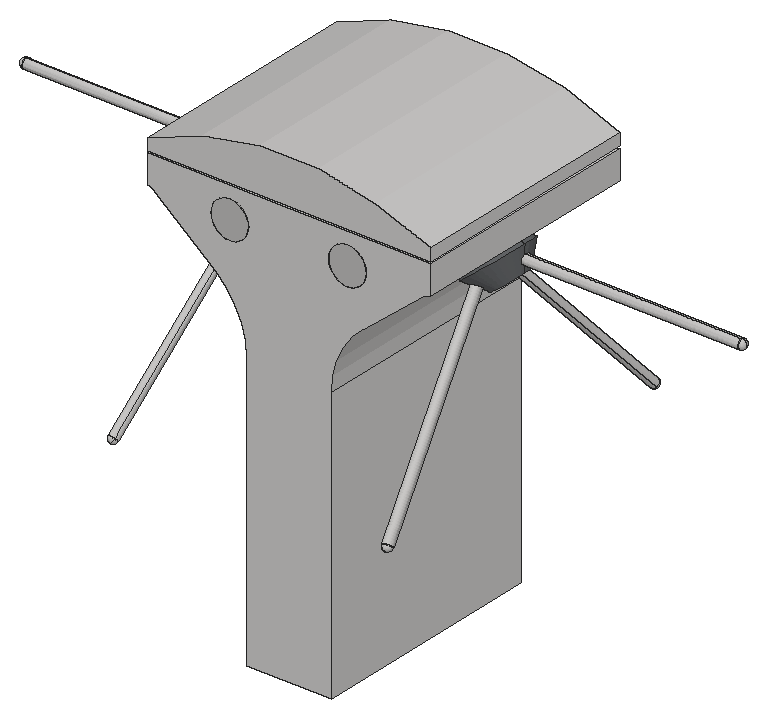
Revit family "CAME_Турникет_Трипод_STILE_600Сдвоенный", category Специальное оборудование, Revit 2019
Family settings
  Размер круглого соединителя = Использовать диаметр
  Тип детали = Нормальный
  На основе рабочей плоскости = Нет
  Всегда вертикально = Да
  При загрузке вырезать с полостями = Нет
  Общий = Нет
  Точка расчета площади = Нет
Parameters
  Описание = "Турникет-трипод моторизованный двухпроходный. Корпус и преграды турникет из нержавеющей стали AISI 304. Оснащен платой управления и светодиодными указателями прохода и направления. Стержни- барьеры с электродоводкой. Автоматическая разблокировка при аварийном отключении электроэнергии. Встроенный блок питания."
  Минимальная ширина проема = 1580 mm  # constant formula
  Изготовитель = "CAME"  # constant formula
  Группа модели = "Турникеты"
  Watermark [instance] = "Модели защищены уникальным кодом"
  URL = "https://camerussia.com"
  CAME_Тип механизма турникета = "моторизованный"  # constant formula
  CAME_Напряжение электропитания двигателя (В) = 24 V  # constant formula
  CAME_Максимальное количество проходов в минуту = "48"  # constant formula
  CAME_Класс защиты (IP) = "54"  # constant formula
  CAME_Интенсивность использования (%) = "ИНТЕНСИВНОЕ"  # constant formula
  CAME_Диапазон рабочих температур (°C) = "-20 ÷ +68"  # constant formula
  BL_Разработано = "support@bimlib.pro"  # constant formula
  BL_Email = "cru.info@came.com"  # constant formula
  BL_BIM library = "https://bimlib.pro/manufacturer/came/cf0b6efe-31e5-4ffa-b7ea-1d6fa84041d4/?tab=products"
  ADSK_Размер_Ширина = 1540 mm  # constant formula
  ADSK_Размер_Глубина = 500 mm  # constant formula
  ADSK_Размер_Высота = 1000 mm  # constant formula
  ADSK_Полная мощность = ADSK_Номинальная мощность / ADSK_Коэффициент мощности  # 27.0833 VA
  ADSK_Обозначение = "ТУ 26.30.50-001-89603926-2021"  # constant formula
  ADSK_Номинальная мощность = 26 W  # constant formula
  ADSK_Напряжение = 230 V  # constant formula
  ADSK_Наименование краткое = "Турникет-трипод STILE 600 сдвоенный"  # constant formula
  ADSK_Наименование = "Турникет-трипод моторизованный STILE 600 сдвоенный"  # constant formula
  ADSK_Масса_Текст = ""
  ADSK_Масса = 0
  ADSK_Марка = "АРТ:001PSMM602D-01"  # constant formula
  ADSK_Коэффициент мощности = 0.96
  ADSK_Количество фаз = 1  # constant formula
  ADSK_Количество = 1  # constant formula
  ADSK_Код изделия = "Код КСР 26.30.50.119.61.2.07.09"  # constant formula
  ADSK_Классификация нагрузок = Прочее
  ADSK_Завод-изготовитель = "CAME"  # constant formula
  ADSK_Единица измерения = "шт."  # constant formula
  ADSK_Группирование = "STILE"  # constant formula
  ADSK_Версия семейства = "1.0"  # constant formula
  ADSK_Версия Revit = "2019"  # constant formula
  ADSK_URL страницы изделия = "https://camerussia.com/product/001psmm602d-01/"
  ADSK_URL документации изделия = "https://camerussia.com/uploads/support/instructions/files/Инструкция%20STILE-TWISTER-SALOON.pdf"
Reference planes
  plane 1 "По центру (Вперед/Назад)": y = 0
  plane 2: z = 0
  plane 3 "По центру (Влево/Вправо)": x = 0
  plane 4: y = 250
  plane 5: y = -250
  plane 6: z = 1000
  plane 7: x = 770
  plane 8: x = 300
  plane 9: x = 790
  plane 10: x = 155
  plane 11: x = 90
  plane 12: x = -90
  plane 13: x = -155
  plane 14: x = -300
  plane 15: x = -770
  plane 16: x = -790
  plane 17: z = 800
  plane 18: z = 905
  plane 19: z = 900
Forms (mm)
  Extrusion 1, solid, material "CAME_Сталь_Нержавеющая_AISI 304", detail levels fine
    sketch origin (0, 0, 0) x (1, 0, 0) y (0, 0, 1)
      loop
        line (90, 0) -> (90, 582.83)
        arc (90, 582.83) -> (107.451, 661.547) -> (156.534, 725.513) r 186.26
        line (156.534, 725.513) -> (282.633, 831.322)
        arc (282.633, 831.322) -> (290.784, 836.518) -> (300, 839.431) r 37.091
        line (300, 839.431) -> (300, 900) -> (0, 900) -> (-300, 900) -> (-300, 839.431)
        arc (-300, 839.431) -> (-290.807, 836.529) -> (-282.672, 831.355) r 37.091
        line (-282.672, 831.355) -> (-156.733, 725.978)
        arc (-156.733, 725.978) -> (-107.506, 661.962) -> (-90, 583.127) r 186.262
        line (-90, 583.127) -> (-90, 0) -> (90, 0)
      loop
        line (300, 905) -> (300, 930)
        arc (300, 930) -> (0, 1000) -> (-300, 930) r 677.857
        line (-300, 930) -> (-300, 905) -> (300, 905)
    from -250 to 250
  Extrusion 2, solid, material "CAME_Стекло_Закаленное_Черное", detail levels fine
    sketch origin (866.16, -250, 1200) x (1, 0, 0) y (0, 0, 1)
      loop
        circle (-741.16, -365) r 40
      loop
        circle (-991.16, -365) r 40
    from 0 to 2
  Extrusion 3, solid, material "CAME_Стекло_Закаленное_Черное", detail levels fine
    sketch origin (-872.529, 250, 1200) x (-1, 0, 0) y (0, 0, 1)
      loop
        circle (-997.529, -365) r 40
      loop
        circle (-747.529, -365) r 40
    from 0 to 2
  Extrusion 4, solid, material "CAME_Сталь_Нержавеющая_AISI 304", detail levels medium
    sketch origin (0, 0, 0) x (1, 0, 0) y (0, 0, 1)
      loop
        line (-90, 0) -> (90, 0) -> (90, 669.684) -> (300, 845.895) -> (300, 930)
        arc (300, 930) -> (0, 1000) -> (-300, 930) r 677.857
        line (-300, 930) -> (-300, 845.854) -> (-90, 670.14) -> (-90, 0)
    from -250 to 250
Lines and regions (mm)
  model lines, style "CAME", detail levels coarse
    curve 1: line (-300, 250, 0) -> (300, 250, 0)
    curve 2: line (-300, -250, 0) -> (-300, 250, 0)
    curve 3: line (300, -250, 0) -> (-300, -250, 0)
    curve 4: line (300, 250, 0) -> (300, -250, 0)
    curve 5: line (300, 0, 0) -> (770, 0, 0)
    curve 6: line (300, 0, 0) -> (360.777, 344.683, 0)
    curve 7: line (300, 0, 0) -> (360.777, -344.683, 0)
    curve 8: line (-300, 0, 0) -> (-770, 0, 0)
    curve 9: line (-300, 0, 0) -> (-360.777, 344.683, 0)
    curve 10: line (-300, 0, 0) -> (-360.777, -344.683, 0)
    curve 11: line (-90, 250, 0) -> (-90, -250, 0)
    curve 12: line (90, 250, 0) -> (90, -250, 0)
Dimensions and locks
  equal spacing: plane 5, plane 1 "По центру (Вперед/Назад)", plane 4
  "ADSK_Размер_Глубина": plane 5 to plane 4
  "ADSK_Размер_Высота": plane 6 to plane 2
  locked: plane 3 "По центру (Влево/Вправо)" to plane 8 at 300
  locked: plane 10 to plane 8 at 145
  locked: plane 6 to Extrusion 2 sketch curve at 165  (x2)
  Extrusion 2 sketch curve to plane 3 "По центру (Влево/Вправо)" to Extrusion 2 sketch curve = 125 mm locked, 125 mm locked
  locked: plane 11 to plane 3 "По центру (Влево/Вправо)" at 90
  locked: plane 14 to plane 3 "По центру (Влево/Вправо)" at 300
  locked: plane 12 to plane 3 "По центру (Влево/Вправо)" at 90
  locked: plane 14 to plane 13 at 145
  equal spacing: plane 15, plane 3 "По центру (Влево/Вправо)", plane 7
  equal spacing: plane 16, plane 3 "По центру (Влево/Вправо)", plane 9
  "ADSK_Размер_Ширина": plane 15 to plane 7
  "Минимальная ширина проема": plane 16 to plane 9
  locked: plane 17 to plane 2 at 800
  plane 6 to plane 18 to plane 19 = 95 mm locked, 5 mm locked
  aligned and locked: level to plane 2
  aligned and locked: plane 4 to Extrusion 1
  aligned and locked: plane 5 to Extrusion 1
  aligned and locked: Extrusion 3 sketch curve to Extrusion 2  (x4)
  aligned and locked: nested 1 to plane 1 "По центру (Вперед/Назад)"
  aligned and locked: plane 1 "По центру (Вперед/Назад)" to nested 2
  aligned and locked: plane 2 to Extrusion 1 sketch curve
  aligned and locked: Extrusion 1 sketch curve to plane 12
  aligned and locked: Extrusion 1 sketch curve to plane 11
  aligned and locked: Extrusion 4 sketch curve to Extrusion 1  (x7)
  aligned and locked: Extrusion 1 to Extrusion 4 sketch curve
  aligned and locked: plane 4 to Extrusion 4
  aligned and locked: plane 5 to Extrusion 4
  aligned and locked: curve 11 to Extrusion 1
  aligned and locked: curve 12 to Extrusion 1
Automatic sketch dimensions
  plane 14 to Extrusion 1 sketch curve = 0 mm  (x2)
  Extrusion 1 sketch curve to plane 3 "По центру (Влево/Вправо)" = 0 mm  (x2)
  Extrusion 1 sketch curve to plane 8 = 0 mm  (x2)
  Extrusion 1 sketch curve to plane 19 = 0 mm
  Extrusion 1 sketch curve to plane 18 = 0 mm
  plane 17 to Extrusion 1 sketch curve = 2.909 mm  (x2)
  plane 14 to Extrusion 1 sketch curve = 6.474 mm
  Extrusion 1 sketch curve to plane 14 = 23.738 mm
  Extrusion 1 sketch curve to plane 13 = 1.733 mm
  Extrusion 1 sketch curve to plane 10 = 1.534 mm
  Extrusion 1 sketch curve to plane 8 = 23.74 mm
  Extrusion 1 sketch curve to plane 8 = 17.367 mm
  plane 8 to Extrusion 1 sketch curve = 6.474 mm
  level to Extrusion 1 sketch curve = 322.143 mm
  Extrusion 1 sketch curve to plane 17 = 217.17 mm
  Extrusion 1 sketch curve to plane 17 = 216.873 mm
  plane 17 to Extrusion 1 sketch curve = 31.322 mm
  Extrusion 1 sketch curve to Extrusion 1 sketch curve = 36.522 mm
  Extrusion 1 sketch curve to Extrusion 1 sketch curve = 25 mm
  Extrusion 1 sketch curve to plane 14 = 17.328 mm
  plane 1 "По центру (Вперед/Назад)" to curve 8 = 0 mm
  curve 8 to plane 15 = 0 mm
  plane 1 "По центру (Вперед/Назад)" to curve 9 = 0 mm
  curve 9 to plane 14 = 0 mm
  plane 5 to curve 4 = 0 mm
  curve 4 to plane 8 = 0 mm
  plane 1 "По центру (Вперед/Назад)" to curve 5 = 0 mm
  curve 5 to plane 7 = 0 mm
  plane 1 "По центру (Вперед/Назад)" to curve 6 = 0 mm
  plane 1 "По центру (Вперед/Назад)" to curve 7 = 0 mm
  plane 1 "По центру (Вперед/Назад)" to curve 10 = 0 mm
  curve 12 to plane 4 = 0 mm
  plane 14 to curve 9 = 60.777 mm
  plane 14 to curve 10 = 60.777 mm
  plane 8 to curve 6 = 60.777 mm
  plane 8 to curve 7 = 60.777 mm
  plane 5 to curve 7 = 94.683 mm
  plane 5 to curve 10 = 94.683 mm
  plane 4 to curve 9 = 94.683 mm
  plane 4 to curve 6 = 94.683 mm
  radius of Extrusion 2 sketch curve = 40 mm  (x2)
Nested families
  nested 1: "CAME_Трипод" at (234.559, 0, 790.984) x (0.766, 0, 0.6428) z (0.6428, 0, -0.766), type "CAME_Трипод"
  nested 2: "CAME_Трипод" at (-234.412, 0, 791.159) x (-0.766, 0, 0.6428) z (-0.6428, 0, -0.766), type "CAME_Трипод"
Connectors
  electrical at (0, 0, 0), driven by "ADSK_Количество фаз", driven by "ADSK_Классификация нагрузок", driven by "ADSK_Напряжение", driven by "ADSK_Полная мощность", driven by "ADSK_Коэффициент мощности"
    settings: on Extrusion 1, index 1, voltage 230 V, apparent load 0 VA, apparent load phase1 27.0833 VA, apparent load phase2 0 VA, apparent load phase3 0 VA, power factor 0.96, load classification "Прочее", number of poles 1, system type 31, power factor state 1, is connector primary yes, connector utility no, sub classification motor no, connector description ""
Definition of nested family "CAME_Трипод"
  Parameters (values of type "CAME_Трипод")
    Default Elevation = 1219.2 mm
    Материал крепления = none
    ADSK_Материал = none
  Reference planes
    plane 1 "По центру (Вперед/Назад)": y = 0
    plane 2: z = 0
    plane 3 "По центру (Влево/Вправо)": x = 0
    plane 4: z = 35
    plane 5 "A": through (0, 0, 1200) normal (-0.866, -0.5, 0)
    plane 6 "B": through (0, 0, 1200) normal (0.866, -0.5, 0)
  Forms (mm)
    Revolve 1, solid, material <- "ADSK_Материал", detail levels medium+fine
      sketch origin (0, 0, 0) x (1, 0, 0) y (0, 0, 1)
        loop
          line (62.5, 0) -> (73.667, 13.309) -> (38.314, 55.441) -> (0, 55.441) -> (0, 0) -> (62.5, 0)
        axis (0, 0) -> (0, 55.441)
      angle from 0 to 360
    Revolve 2, solid, material <- "ADSK_Материал", detail levels medium+fine
      sketch origin (0, 0, 0) x (1, 0, 0) y (0, 0, 1)
        loop
          line (47.835, 28.597) -> (54.238, 20.965) -> (414.279, 323.075) -> (407.876, 330.707) -> (47.835, 28.597)
        axis (47.835, 28.597) -> (407.876, 330.707)
      angle from 0 to 360
    Revolve 3, solid, material <- "ADSK_Материал", detail levels medium+fine
      sketch origin (0, 0, 1200) x (0.5, -0.866025, 0) y (0, 0, 1)
        loop
          line (-47.84, -1171.428) -> (-407.21, -869.88) -> (-414.308, -876.978) -> (-54.267, -1179.088) -> (-47.84, -1171.428)
        axis (-47.84, -1171.428) -> (-407.88, -869.318)
      angle from 0 to 360
    Revolve 4, solid, material <- "ADSK_Материал", detail levels medium+fine
      sketch origin (0, 0, 1200) x (0.5, 0.866025, 0) y (0, 0, 1)
        loop
          line (-40.179, -1177.856) -> (-407.21, -869.88) -> (-414.308, -876.978) -> (-46.607, -1185.516) -> (-40.179, -1177.856)
        axis (-40.179, -1177.856) -> (-407.88, -869.318)
      angle from 0 to 360
    Revolve 5, solid, material <- "ADSK_Материал", detail levels fine
      sketch origin (-27.75, -48.064, 35) x (-0.383022, -0.663414, 0.642788) y (-0.321394, -0.55667, -0.766044)
        loop
          line (460, 0) -> (470, 0)
          arc (470, 0) -> (467.071, 7.071) -> (460, 10) r 10
          line (460, 10) -> (460, 0)
        axis (460, 0) -> (470, 0)
      angle from 0 to 360
    Revolve 6, solid, material <- "ADSK_Материал", detail levels fine
      sketch origin (55.466, 0, 35) x (0.766044, 0, 0.642788) y (-0.642788, 0, 0.766044)
        loop
          arc (460.038, -9.962) -> (467.082, -7.044) -> (470, 0) r 9.962
          line (470, 0) -> (460.038, 0) -> (460.038, -9.962)
        axis (460.038, 0) -> (470, 0)
      angle from 0 to 360
    Revolve 7, solid, material <- "ADSK_Материал", detail levels fine
      sketch origin (-27.75, 48.064, 35) x (-0.383022, 0.663414, 0.642788) y (-0.321394, 0.55667, -0.766044)
        loop
          line (460, 0) -> (470, 0)
          arc (470, 0) -> (467.071, 7.071) -> (460, 10) r 10
          line (460, 10) -> (460, 0)
        axis (460, 0) -> (470, 0)
      angle from 0 to 360
  Cuts and joins
    joined: Revolve 1, Revolve 2, Revolve 3, Revolve 4
  Lines and regions (mm)
    reference lines
      curve 1: line (38.314, 0, 55.441) -> (73.667, 0, 13.309)
      curve 2: line (55.466, 0, 35) -> (488.281, 0, 398.175)
      curve 3: circle (0, 0, 35) r 55.5 normal (0, 0, 1)
      curve 4: line (-27.75, 48.064, 35) -> (-152.232, 263.674, 243.906)
      curve 5: line (-27.75, -48.064, 35) -> (-219.261, -379.771, 356.394)
  Dimensions and locks
    locked: plane 4 to plane 2 at 35
    locked: plane 1 "По центру (Вперед/Назад)" to plane 5 "A" (angle 120.00°)
    locked: plane 6 "B" to plane 1 "По центру (Вперед/Назад)" (angle 120.00°)
    angle curve 4 to plane 4 = 40.00°
    aligned and locked: level to plane 2
    aligned and locked: plane 3 "По центру (Влево/Вправо)" to Revolve 1 sketch curve
    aligned and locked: Revolve 1 sketch curve to Revolve 1 sketch curve
    aligned and locked: Revolve 2 sketch curve to curve 2
    aligned and locked: Revolve 3 sketch curve to curve 4
    aligned and locked: Revolve 4 sketch curve to curve 5
    aligned and locked: Revolve 5 sketch curve to curve 5
    aligned and locked: cut or joined group of Revolve 1, Revolve 2, Revolve 3, Revolve 4 to Revolve 5 sketch curve
    aligned and locked: curve 5 to Revolve 5 sketch curve
    aligned and locked: Revolve 6 sketch curve to curve 2
    aligned and locked: Revolve 6 sketch curve to cut or joined group of Revolve 1, Revolve 2, Revolve 3, Revolve 4
    aligned and locked: curve 2 to Revolve 6 sketch curve
    aligned and locked: Revolve 7 sketch curve to curve 4
    aligned and locked: curve 4 to Revolve 7 sketch curve
    aligned and locked: cut or joined group of Revolve 1, Revolve 2, Revolve 3, Revolve 4 to Revolve 7 sketch curve
